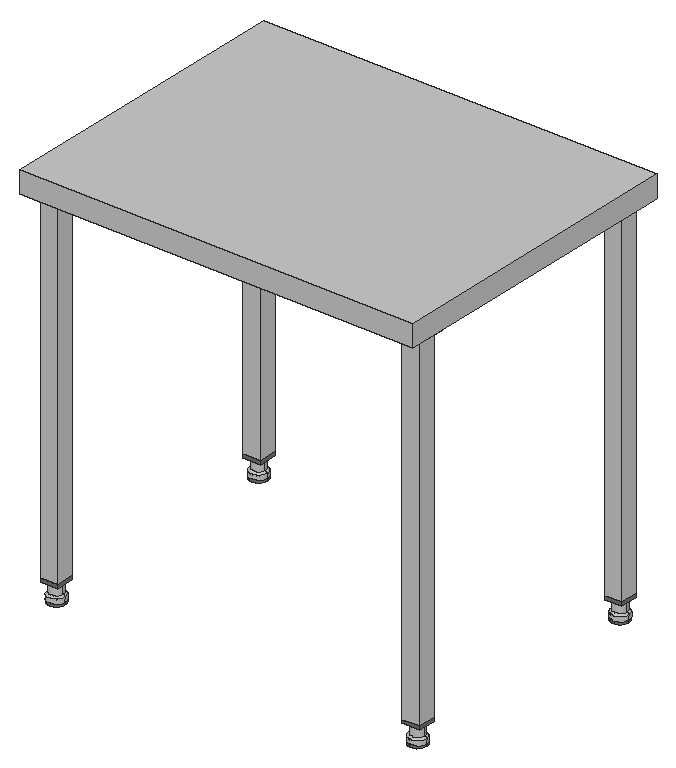
Revit family "QF_ELECTROLUXPROFESSIONAL_133218_TG900MBN", category Attrezzature speciali, Revit 2020
Family settings
  Quota connettore circolare = Usa diametro
  Tipo di parte = Normale
  Basato su piano di lavoro = No
  Sempre verticale = Sì
  Taglio con vuoti quando caricato = No
  Condiviso = No
  Punto di calcolo locali = No
Parameters (values of type "Standard")
  Weight = 30.00 kg
  Watts = 0 W
  Volts = 0 V
  URL Manufacturer = "https://www.electroluxprofessional.com/"
  URL = "https://www.electroluxprofessional.com/"
  Steam Supply Size = 0 mm
  Steam Supply Minimum Pressure = 0.0 Pa
  Steam Supply Maximum Pressure = 0.0 Pa
  Steam Consumption per Hour = 0
  Refrigeration Suction Line Size = 0.0 mm
  Refrigeration Liquid Line Size = 0.0 mm
  Refrigerant Compressor Remote = yes
  Prospetto di default = 0.0 mm
  Produttore = "Electrolux Professional"
  Phase = 0
  Modello = "TG900MBN"
  Length Actual = 900.0 mm  # constant formula
  Item Number = "133218"
  Hot Water Size = 0 mm
  Height Actual = 900.0 mm  # constant formula
  HP = "0 HP"
  Gas Size = 0 mm
  Gas KW = 0
  Gas Input Pressure = 0 W
  Direct Waste Size = 0 mm
  Descrizione = "WORK TABLE 900 MM"
  Depth Actual = 700.0 mm  # constant formula
  Cycle = 0 Hz
  Condensate Return Size = 0 mm
  Compressed Air Volume = 0.0 L/s
  Compressed Air Size = 0 mm
  Compressed Air Pressure = 0.0 Pa
  Cold Water Size = 0 mm
  Accessory = yes
Reference planes
  plane 1 "Center (Front/Back)": y = 0
  plane 2: z = 0
  plane 3 "Center (Left/Right)": x = 50
  plane 4 "LEFT": x = -400
  plane 5 "RIGHT": x = 500
  plane 6 "BACK": y = 350
  plane 7 "FRONT": y = -350
  plane 8 "Base": z = 850
  plane 9 "TOP": z = 900
  plane 10: x = -364.5
  plane 11: x = 464.5
  plane 12: y = 290
  plane 13: y = -290
Forms (mm)
  Extrusion 1, solid, material "QF_Finishes_Stainless Steel"
    sketch origin (50, 0, 0) x (0, 1, 0) y (0, 0, 1)
      loop
        line (-350, 850) -> (350, 850) -> (350, 900) -> (-350, 900) -> (-350, 850)
    from 450 to -450
Lines and regions (mm)
  symbolic lines
    curve 1: line (500, 350, 900) -> (-400, 350, 900)
    curve 2: line (-400, 350, 900) -> (-400, -350, 900)
    curve 3: line (-400, -350, 900) -> (500, -350, 900)
    curve 4: line (500, -350, 900) -> (500, 350, 900)
Dimensions and locks
  plane 4 "LEFT" to plane 5 "RIGHT" = 900.0 mm
  equal spacing: plane 4 "LEFT", plane 3 "Center (Left/Right)", plane 5 "RIGHT"
  plane 4 "LEFT" to plane 10 = 35.5 mm
  plane 11 to plane 5 "RIGHT" = 35.5 mm
  plane 10 to plane 11 = 829.0 mm
  locked: plane 9 "TOP" to level at 900
  plane 6 "BACK" to plane 12 = 60.0 mm
  plane 13 to plane 7 "FRONT" = 60.0 mm
  plane 6 "BACK" to plane 7 "FRONT" = 700.0 mm
  plane 12 to plane 13 = 580.0 mm
  equal spacing: plane 6 "BACK", plane 1 "Center (Front/Back)", plane 7 "FRONT"
  locked: plane 8 "Base" to level at 850
  aligned and locked: level to plane 2
  aligned and locked: plane 10 to nested 1
  aligned and locked: nested 1 to plane 13
  aligned and locked: plane 11 to nested 2
  aligned and locked: nested 2 to plane 13
  aligned and locked: plane 11 to nested 4
  aligned and locked: nested 4 to plane 12
  aligned and locked: plane 10 to nested 3
  aligned and locked: nested 3 to plane 12
  aligned and locked: Extrusion 1 to plane 4 "LEFT"
  aligned and locked: plane 5 "RIGHT" to Extrusion 1
  aligned and locked: curve 2 to plane 4 "LEFT"
Automatic sketch dimensions
  Extrusion 1 sketch curve to plane 7 "FRONT" = 0.0 mm
  Extrusion 1 sketch curve to plane 8 "Base" = 0.0 mm
  curve 3 to plane 7 "FRONT" = 0.0 mm
  curve 4 to plane 6 "BACK" = 0.0 mm
  Extrusion 1 sketch curve to plane 9 "TOP" = 0.0 mm
  Extrusion 1 sketch curve to plane 6 "BACK" = 0.0 mm
  curve 4 to plane 5 "RIGHT" = 0.0 mm
Nested families
  nested 1: "FEET_40x40_APP42" at (-364.5, -290, 0), type "FEET_40x40_APP42"
  nested 2: "FEET_40x40_APP42" at (464.5, -290, 0), type "FEET_40x40_APP42"
  nested 3: "FEET_40x40_APP42" at (-364.5, 290, 0), type "FEET_40x40_APP42"
  nested 4: "FEET_40x40_APP42" at (464.5, 290, 0), type "FEET_40x40_APP42"
Definition of nested family "FEET_40x40_APP42"
  Parameters
    Default Elevation = 0.0 mm
    FEET = 850.0 mm
  Reference planes
    plane 1 "Center (Front/Back)": y = 0
    plane 2: z = 0
    plane 3 "Center (Left/Right)": x = 0
    plane 4: z = 850
  Forms (mm)
    Extrusion 1, solid
      sketch origin (0, 0, 0) x (1, 0, 0) y (0, 1, 0)
        loop
          line (-20, -20) -> (20, -20) -> (20, 20) -> (-20, 20) -> (-20, -20)
      from 50 to 845
    Extrusion 2, solid
      sketch origin (0, 0, 0) x (1, 0, 0) y (0, 1, 0)
        loop
          circle (0, 0) r 20
      from 0 to 5
    Extrusion 3, solid
      sketch origin (0, 0, 0) x (1, 0, 0) y (0, 1, 0)
        loop
          line (30, 30) -> (-30, 30) -> (-30, -30) -> (30, -30) -> (30, 30)
      from 845 to 850
    Extrusion 4, solid
      sketch origin (0, 0, 0) x (1, 0, 0) y (0, 1, 0)
        loop
          line (-20, -20) -> (20, -20) -> (20, 20) -> (-20, 20) -> (-20, -20)
      from 50 to 42
    Revolve 5, solid
      sketch origin (0, 0, 0) x (1, 0, 0) y (0, 0, 1)
        loop
          line (0, 42) -> (-15, 42) -> (-15, 20) -> (-20, 15) -> (-20, 5) -> (0, 5) -> (0, 42)
        axis (0, 42) -> (0, 5)
      angle from 0 to 360
  Lines and regions (mm)
    symbolic lines
      curve 1: line (0, -1.503, 0) -> (0, 1.508, 0)
      curve 2: line (1.561, 0, 0) -> (-1.439, 0, 0)
  Dimensions and locks
    "FEET": plane 4 to plane 2
    aligned and locked: level to plane 2
  Automatic sketch dimensions
    plane 1 "Center (Front/Back)" to curve 2 = 0.0 mm
    curve 1 to plane 3 "Center (Left/Right)" = 0.0 mm
    curve 2 to plane 3 "Center (Left/Right)" = 1.439 mm
    plane 3 "Center (Left/Right)" to curve 2 = 1.561 mm
    plane 1 "Center (Front/Back)" to curve 1 = 1.503 mm
    curve 1 to plane 1 "Center (Front/Back)" = 1.508 mm
    Extrusion 1 sketch curve to plane 3 "Center (Left/Right)" = 20.0 mm
    plane 3 "Center (Left/Right)" to Extrusion 1 sketch curve = 20.0 mm
    plane 1 "Center (Front/Back)" to Extrusion 1 sketch curve = 20.0 mm
    Extrusion 1 sketch curve to plane 1 "Center (Front/Back)" = 20.0 mm
    plane 1 "Center (Front/Back)" to Extrusion 2 sketch curve = 0.0 mm
    Extrusion 2 sketch curve to plane 3 "Center (Left/Right)" = 0.0 mm
    Extrusion 3 sketch curve to plane 3 "Center (Left/Right)" = 30.0 mm
    plane 3 "Center (Left/Right)" to Extrusion 3 sketch curve = 30.0 mm
    plane 1 "Center (Front/Back)" to Extrusion 3 sketch curve = 30.0 mm
    Extrusion 3 sketch curve to plane 1 "Center (Front/Back)" = 30.0 mm
    Extrusion 4 sketch curve to plane 3 "Center (Left/Right)" = 20.0 mm
    plane 3 "Center (Left/Right)" to Extrusion 4 sketch curve = 20.0 mm
    plane 1 "Center (Front/Back)" to Extrusion 4 sketch curve = 20.0 mm
    Extrusion 4 sketch curve to plane 1 "Center (Front/Back)" = 20.0 mm
    Revolve 5 sketch curve to plane 3 "Center (Left/Right)" = 0.0 mm  (x2)
    Revolve 5 sketch curve to plane 3 "Center (Left/Right)" = 15.0 mm
    Revolve 5 sketch curve to Revolve 5 sketch curve = 5.0 mm  (x3)
    level to Revolve 5 sketch curve = 5.0 mm
    Revolve 5 sketch curve to Revolve 5 sketch curve = 10.0 mm
    Revolve 5 sketch curve to Revolve 5 sketch curve = 22.0 mm
    Revolve 5 sketch curve to level = 9.561 mm
    radius of Extrusion 2 sketch curve = 20.0 mm
